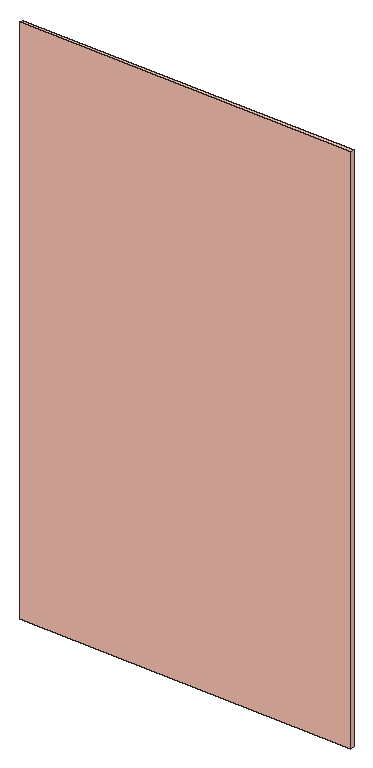
Revit family "EXP_WT-1B_CPan-007", category Curtain Panels, Revit 2021
Family settings
  OmniClass Number = 23.25.20.14.11.11.17
  OmniClass Title = Infill Panels
  Always vertical = Yes
  Cut with Voids When Loaded = No
  Shared = No
Parameters
  UI-UnitNumber [instance] = "001"
  UI-Quadrant [instance] = "SE"
  UI-ProjectAbbreviation = "NEU"
  UI-ItemCategory = "PID"
  UI-FloorNumber [instance] = "03"
  PNT-WallType = "WT1B"
  PNT-ProjectAbbreviation = "NEU"
  PNT-PanelType [instance] = "01"
  PNT-ItemCategory = "PNL"
  GlassSPH [instance] = 0' - 1 1/8"
  GlassH1 [instance] = IG-2F(Glass)
  Define Thermal Properties by = Schematic Type
  CellSp = 0' - 10 3/16"
  CellL [instance] = 8' - 0"
  CellH1 [instance] = CellH  # 12' - 11"
  CellH [instance] = 12' - 11"
  CellAngle = 90.73°
  Analytic Construction = "<None>"
Reference planes (in)
  plane 1 "Center (Front/Back)": y = 0
  plane 2: z = 0
  plane 3 "Center (Left/Right)": x = 0
  plane 4 "Left": x = -48
  plane 5 "Right": x = 48
  plane 6 "Top": z = 155
  plane 7: y = -10.1875
Forms (in)
  Extrusion 1, solid, material "IG-2F(Glass)" <- "GlassH1", detail levels coarse+medium
    sketch origin (0, 0, 0) x (1, 0, 0) y (0, 1, 0)
      loop
        line (48, 0) -> (-48, 0) -> (-48, -10.1875) -> (48, -10.1875) -> (48, 0)
    from 0 to 155
Text (in)
  text "Exterior" at (-92.59733, 55.75508, 0), in view "Ref. Level"
  text "Exterior" at (0, 90.18664, 173.49264), in view "Left"
  text "Exterior" at (0, 52.29083, 162.21847), in view "Right"
Dimensions and locks (in)
  "CellL": plane 4 "Left" to plane 5 "Right"
  equal spacing: plane 4 "Left", plane 3 "Center (Left/Right)", plane 5 "Right"
  "CellH": plane 2 to plane 6 "Top"
  "CellSp": plane 7 to plane 1 "Center (Front/Back)"
  aligned and locked: level to plane 2
  aligned and locked: Extrusion 1 sketch curve to plane 1 "Center (Front/Back)"
  aligned and locked: Extrusion 1 sketch curve to plane 7
  aligned and locked: Extrusion 1 to plane 2
  aligned and locked: plane 5 "Right" to Extrusion 1 sketch curve
  aligned and locked: plane 4 "Left" to Extrusion 1 sketch curve
  aligned and locked: Extrusion 1 to plane 6 "Top"
  aligned and locked: plane 5 "Right" to nested 1
  aligned and locked: plane 4 "Left" to Extrusion 1
  aligned and locked: plane 2 to Extrusion 1
  aligned and locked: nested 1 to plane 6 "Top"
  aligned and locked: nested 1 to plane 7
  aligned and locked: nested 2 to plane 4 "Left"
  aligned and locked: nested 2 to plane 5 "Right"
  aligned and locked: plane 7 to nested 2
  aligned and locked: nested 2 to plane 6 "Top"
  aligned and locked: plane 2 to nested 2
Nested families (in)
  nested 1: "EXP_xx_DetO-002" at (0, -10.1875, 0), CellH <- "CellH", CellL <- "CellL", type "EXP_xx_DetO-002", detail levels coarse
    with CellL 8' - 0", CellH 12' - 11"
  nested 2: "EXP_WT-1x_IG-001" at (0, -10.1875, 77.5) x (-1, 0, 0) z (0, 0, 1), GlassSP <- "GlassSPH", MaterialGlass <- "GlassH1", type "GlassSP = H"
    with MaterialGlass IG-2F(Glass), GlassSP 0' - 1 1/8", GlassL 7' - 10.12549", GlassH 12' - 8.12598", CellL 8' - 0", CellH 12' - 11"
Definition of nested family "EXP_WT-1x_IG-001"
  Parameters (values of type "H2 _ GlassSP = 1 1/4"")
    MaterialGlass [instance] = none
    GlassSP [instance] = 0' - 1 1/4"
    GlassL [instance] = CellL - (GlassD1 + GlassD3)  # 3' - 10.94439"
    GlassH [instance] = CellH - (GlassD2 + GlassD4)  # 6' - 6.64788"
    GlassD4 = 0' - 1.43701"
    GlassD3 = 0' - 0.93701"
    GlassD2 = 0' - 0 1/2"
    GlassD1 = 0' - 0 15/16"
    GMPI-ProjectAbbreviation = "NEU"
    GMPI-IteamCategory = "GLS"
    Default Elevation = 0' - 0"
    CellL [instance] = 4' - 0.8189"
    CellH [instance] = 6' - 8.58489"
  Types (12): name | GlassSP | GlassL | GlassH | GlassD4 | GlassD2 | GlassD1
    H2(x2) _ GlassSP = 2 1/8" | 0' - 2.12598" | 3' - 10.94488" | 6' - 6.64788" | 0' - 1.43701" | 0' - 0 1/2" | 0' - 0.93701"
    H1 _ GlassSP = 1 1/4" | 0' - 1 1/4" | 3' - 10.94439" | 6' - 6.89739" | 0' - 0 1/4" | 0' - 1 7/16" | 0' - 0 15/16"
    H2(x3) _ GlassSP = 2 1/8" | 0' - 2.12598" | 3' - 10.94488" | 6' - 7.83489" | 0' - 0 1/4" | 0' - 0 1/2" | 0' - 0.93701"
    H3 _ GlassSP = 1 1/4" | 0' - 1 1/4" | 3' - 10.94439" | 6' - 6.64788" | 0' - 1.43701" | 0' - 0 1/2" | 0' - 0 15/16"
    H _ GlassSP = 2 1/8" | 0' - 2.12598" | 3' - 10.94488" | 6' - 5.71088" | 0' - 1.43701" | 0' - 1.43701" | 0' - 0.93701"
    H _ GlassSP = 1 1/4" | 0' - 1 1/4" | 3' - 10.94439" | 6' - 5.71088" | 0' - 1.43701" | 0' - 1.43701" | 0' - 0 15/16"
    H2 _ GlassSP = 1 1/4" | 0' - 1 1/4" | 3' - 10.94439" | 6' - 6.64788" | 0' - 1.43701" | 0' - 0 1/2" | 0' - 0 15/16"
    GlassSP = H | 0' - 1 1/4" | 3' - 10.94439" | 6' - 5.71088" | 0' - 1.43701" | 0' - 1.43701" | 0' - 0 15/16"
    GlassSP = H3 | 0' - 1 1/4" | 3' - 10.94439" | 6' - 6.64788" | 0' - 1.43701" | 0' - 0 1/2" | 0' - 0 15/16"
    GlassSP = H2(x3) | 0' - 2.12598" | 3' - 10.94488" | 6' - 7.83489" | 0' - 0 1/4" | 0' - 0 1/2" | 0' - 0.93701"
    GlassSP = H2(x2) | 0' - 2.12598" | 3' - 10.94488" | 6' - 6.64788" | 0' - 1.43701" | 0' - 0 1/2" | 0' - 0.93701"
    GlassSP = H1 | 0' - 1 1/4" | 3' - 10.94439" | 6' - 6.89739" | 0' - 0 1/4" | 0' - 1 7/16" | 0' - 0 15/16"
  Reference planes (in)
    plane 1 "Center (Front/Back)": y = 0
    plane 2: z = 0
    plane 3 "Center (Left/Right)": x = 0
    plane 4: x = -24.40945
    plane 5: x = 24.40945
    plane 6: z = 40.29245
    plane 7: x = -23.47195
    plane 8: x = 23.47244
    plane 9: z = -40.29245
    plane 10: z = 39.79245
    plane 11: z = -38.85544
  Forms (in)
    Extrusion 1, solid, material <- "MaterialGlass"
      sketch origin (0, 0, 0) x (1, 0, 0) y (0, 0, 1)
        loop
          line (-23.47195, -38.85544) -> (23.47244, -38.85544) -> (23.47244, 39.79245) -> (-23.47195, 39.79245) -> (-23.47195, -38.85544)
      from 0 to 1.25 <- "GlassSP"
  Dimensions and locks (in)
    equal spacing: plane 6, level, plane 9
    "CellH": plane 6 to plane 9
    "GlassD2": plane 6 to plane 10
    "GlassD4": plane 11 to plane 9
    equal spacing: plane 4, plane 3 "Center (Left/Right)", plane 5
    "CellL": plane 4 to plane 5
    "GlassD1": plane 4 to plane 7
    "GlassD3": plane 5 to plane 8
    aligned and locked: level to plane 2
    aligned and locked: Extrusion 1 sketch curve to plane 11
    aligned and locked: Extrusion 1 sketch curve to plane 7
    aligned and locked: plane 10 to Extrusion 1 sketch curve
    aligned and locked: plane 8 to Extrusion 1 sketch curve
Definition of nested family "EXP_xx_DetO-002"
  Parameters (values of type "EXP_xx_DetO-002")
    Default Elevation = 0' - 0"
    CellL [instance] = 5' - 4.56693"
    CellH [instance] = 5' - 2.99213"
  Reference planes (in)
    plane 1 "Center (Front/Back)": y = 0
    plane 2: z = 0
    plane 3 "Center (Left/Right)": x = 0
    plane 4: x = -32.28346
    plane 5: x = 32.28346
    plane 6: z = 62.99213
  Lines and regions (in)
    model lines
      curve 1: line (-32.28346, 0, 62.99213) -> (32.28346, 0, 0)
      curve 2: line (32.28346, 0, 62.99213) -> (-32.28346, 0, 0)
  Dimensions and locks (in)
    "CellH": plane 6 to level
    equal spacing: plane 4, plane 3 "Center (Left/Right)", plane 5
    "CellL": plane 4 to plane 5
    aligned and locked: level to plane 2
  Automatic sketch dimensions
    curve 2 to level = 0' - 0"
    plane 4 to curve 2 = 0' - 0"
    plane 4 to curve 1 = 0' - 0"
    plane 5 to curve 2 = 0' - 0"
    curve 1 to level = 0' - 0"
    plane 5 to curve 1 = 0' - 0"
    curve 2 to plane 6 = 0' - 0"
    curve 1 to plane 6 = 0' - 0"
